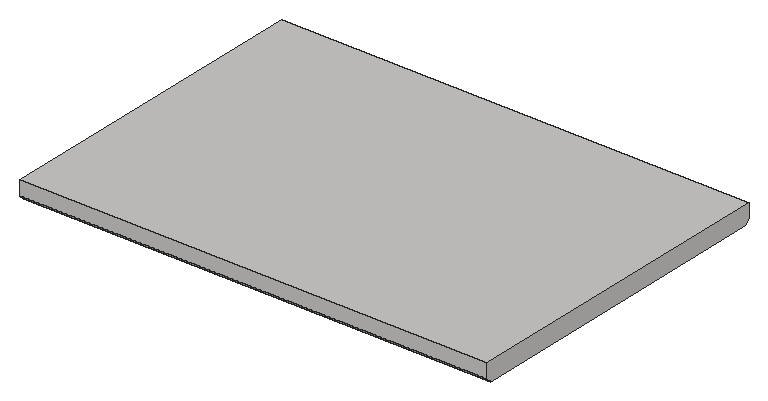
Revit family "QF_ELECTROLUXPROFESSIONAL_121105_TPLA10", category Attrezzature speciali, Revit 2020
Family settings
  Quota connettore circolare = Usa diametro
  Tipo di parte = Normale
  Basato su piano di lavoro = No
  Sempre verticale = Sì
  Taglio con vuoti quando caricato = No
  Condiviso = No
  Punto di calcolo locali = No
Parameters (values of type "Standard")
  Weight = 34.00 kg
  Watts = 0 W
  Volts = 0 V
  URL Manufacturer = "https://www.electroluxprofessional.com/"
  URL = "https://www.electroluxprofessional.com/"
  Steam Supply Size = 0 mm
  Steam Supply Minimum Pressure = 0.0 Pa
  Steam Supply Maximum Pressure = 0.0 Pa
  Steam Consumption per Hour = 0
  Refrigeration Suction Line Size = 0.0 mm
  Refrigeration Liquid Line Size = 0.0 mm
  Refrigerant Compressor Remote = yes
  Prospetto di default = 0.0 mm
  Phase = 0
  Modello = "TPLA10"
  Produttore = "Electrolux Professional"
  Length Actual = 1000.0 mm  # constant formula
  Item Number = "121105"
  Hot Water Size = 0 mm
  Height Actual = 40.0 mm  # constant formula
  HP = "0 HP"
  Gas Size = 0 mm
  Gas KW = 0
  Gas Input Pressure = 0 W
  Direct Waste Size = 0 mm
  Descrizione = "WORK TOP 1000MM"
  Depth Actual = 700.0 mm  # constant formula
  Cycle = 0 Hz
  Condensate Return Size = 0 mm
  Compressed Air Volume = 0.0 L/s
  Compressed Air Size = 0 mm
  Compressed Air Pressure = 0.0 Pa
  Cold Water Size = 0 mm
  Accessory = yes
Reference planes
  plane 1 "Center (Front/Back)": y = 0
  plane 2: z = 0
  plane 3 "Center (Left/Right)": x = 0
  plane 4 "LEFT": x = -500
  plane 5 "RIGHT": x = 500
  plane 6 "BACK": y = 350
  plane 7 "FRONT": y = -350
  plane 8 "TOP": z = 860
  plane 9 "BaseTop": z = 900
Forms (mm)
  Extrusion 1, solid, material "QF_Finishes_Stainless Steel"
    sketch origin (0, 0, 0) x (0, 1, 0) y (0, 0, 1)
      loop
        line (-350, 900) -> (-350, 870) -> (-340, 860) -> (340, 860) -> (350, 870) -> (350, 900) -> (-350, 900)
    from 500 to -500
Lines and regions (mm)
  symbolic lines
    curve 1: line (500, 350, 860) -> (-500, 350, 860)
    curve 2: line (-500, 350, 860) -> (-500, -350, 860)
    curve 3: line (-500, -350, 860) -> (500, -350, 860)
    curve 4: line (500, -350, 860) -> (500, 350, 860)
Dimensions and locks
  plane 4 "LEFT" to plane 5 "RIGHT" = 1000.0 mm
  equal spacing: plane 4 "LEFT", plane 3 "Center (Left/Right)", plane 5 "RIGHT"
  plane 6 "BACK" to plane 7 "FRONT" = 700.0 mm
  equal spacing: plane 6 "BACK", plane 1 "Center (Front/Back)", plane 7 "FRONT"
  locked: plane 9 "BaseTop" to plane 8 "TOP" at 40
  plane 8 "TOP" to level = 860.0 mm
  aligned and locked: level to plane 2
  aligned and locked: Extrusion 1 to plane 4 "LEFT"
  aligned and locked: plane 5 "RIGHT" to Extrusion 1
  aligned and locked: curve 2 to plane 4 "LEFT"
  aligned and locked: plane 9 "BaseTop" to Extrusion 1 sketch curve
Automatic sketch dimensions
  curve 3 to plane 7 "FRONT" = 0.0 mm
  curve 4 to plane 6 "BACK" = 0.0 mm
  curve 4 to plane 5 "RIGHT" = 0.0 mm
  Extrusion 1 sketch curve to plane 7 "FRONT" = 0.0 mm
  level to Extrusion 1 sketch curve = 860.0 mm
  Extrusion 1 sketch curve to plane 6 "BACK" = 0.0 mm
  plane 7 "FRONT" to Extrusion 1 sketch curve = 10.0 mm
  level to Extrusion 1 sketch curve = 870.0 mm  (x2)
  Extrusion 1 sketch curve to plane 6 "BACK" = 10.0 mm
